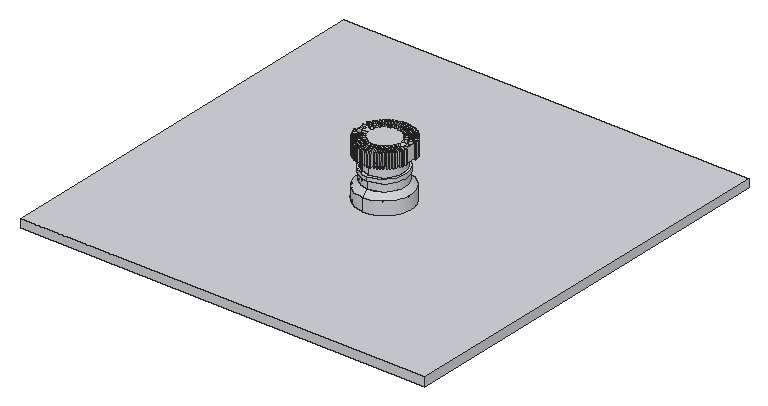
Revit family "Minitrim-X86", category Lighting Fixtures, Revit 2014
Parameters (values of type "Minitrim X86")
  Wattage Comments = "19.5"
  Wattage = 8.3 W
  built-in parameter 1150110 = 1 (stored number, unit not read)
  Type Comments = "Recessed"
  Type = "Recessed Downlighter"
  built-in parameter 1114217 = 1 (stored number, unit not read)
  Tilt Angle = 90.00°
  built-in parameter 1150109 = 1 (stored number, unit not read)
  built-in parameter 1150134 = (empty or 0)
  built-in parameter 1150113 = 1 (stored number, unit not read)
  Photometric Web File = "C0341-XTM-2000lm.ies"
  Dimension (mm) = "86"
  Model = "Minitrim X86"
  Manufacturer = "Designed Architectural Lighting"
  Luminous flux of luminaire (lm) = "2000 lumens"
  Lumens = 1049.95 lm
  built-in parameter 1150115 = 1 (stored number, unit not read)
  built-in parameter 1150105 = 83.552 (stored number, unit not read)
  built-in parameter 1150137 = (empty or 0)
  built-in parameter 1150139 = (empty or 0)
  built-in parameter 1150112 = 1 (stored number, unit not read)
  built-in parameter 1150114 = 1 (stored number, unit not read)
  Lamp = "LED"
  built-in parameter 1150132 = (empty or 0)
  built-in parameter 1150102 = (empty or 0)
  built-in parameter 1150138 = (empty or 0)
  built-in parameter 1150107 = 3000 (stored number, unit not read)
  built-in parameter 1150106 = 0.83552 (stored number, unit not read)
  Height (mm) = "105"
  built-in parameter 1150104 = 11.752 (stored number, unit not read)
  Dimming Lamp Color Temperature Shift = <None>
  Description = "Recessed LED downlighter"
  Cut Out (mm) = "81.5"
  Colour temperature (K) = "2700 / 3000 / 4000"
  Color Filter = 16777215
  CRI = "80"
  built-in parameter 1114218 = 1 (stored number, unit not read)
  built-in parameter 1150133 = 10 (stored number, unit not read)
  Apparent Load = 19.5 VA
  Aperture (mm) = "72"
Reference planes
  plane 1 "Light Source Axis (F/B)": y = 0
  plane 2: z = 0
  plane 3 "Light Source Axis (L/R)": x = 0
  plane 4 "Light Source Elevation": z = 0
Forms (mm)
  Extrusion 1, solid
    sketch origin (0.867, 0, 0) x (1, 0, 0) y (0, 1, 0)
      loop
        line (8.036, -21.346) -> (9.763, -25.224)
        arc (9.763, -25.224) -> (9.158, -26.377) -> (9.105, -27.677) r 2.965
        line (9.105, -27.677) -> (12.96, -37.219)
        arc (12.96, -37.219) -> (13.673, -37.522) -> (13.976, -36.809) r 0.548
        line (13.976, -36.809) -> (10.23, -27.537)
        arc (10.23, -27.537) -> (10.843, -26.092) -> (12.288, -26.705) r 1.11
        line (12.288, -26.705) -> (16.28, -35.672)
        arc (16.28, -35.672) -> (17.02, -35.956) -> (17.304, -35.216) r 0.56
        line (17.304, -35.216) -> (13.182, -25.959)
        arc (13.182, -25.959) -> (12.31, -24.958) -> (11.028, -24.618) r 2.262
        line (11.028, -24.618) -> (9.403, -20.596) -> (11.989, -19.445) -> (14.463, -22.849)
        arc (14.463, -22.849) -> (14.111, -24.102) -> (14.33, -25.385) r 2.965
        line (14.33, -25.385) -> (20.084, -33.917)
        arc (20.084, -33.917) -> (20.845, -34.065) -> (20.992, -33.305) r 0.548
        line (20.992, -33.305) -> (15.4, -25.014)
        arc (15.4, -25.014) -> (15.7, -23.474) -> (17.241, -23.773) r 1.11
        line (17.241, -23.773) -> (23.009, -31.713)
        arc (23.009, -31.713) -> (23.792, -31.837) -> (23.916, -31.055) r 0.56
        line (23.916, -31.055) -> (17.96, -22.857)
        arc (17.96, -22.857) -> (16.899, -22.059) -> (15.574, -21.994) r 2.262
        line (15.574, -21.994) -> (13.148, -18.397) -> (15.119, -16.427) -> (18.389, -19.585)
        arc (18.389, -19.585) -> (18.26, -20.88) -> (18.699, -22.105) r 2.965
        line (18.699, -22.105) -> (25.847, -29.508)
        arc (25.847, -29.508) -> (26.622, -29.522) -> (26.635, -28.747) r 0.548
        line (26.635, -28.747) -> (19.689, -21.554)
        arc (19.689, -21.554) -> (19.716, -19.985) -> (21.285, -20.012) r 1.11
        line (21.285, -20.012) -> (28.346, -26.83)
        arc (28.346, -26.83) -> (29.138, -26.816) -> (29.124, -26.024) r 0.56
        line (29.124, -26.024) -> (21.835, -18.985)
        arc (21.835, -18.985) -> (20.652, -18.383) -> (19.335, -18.549) r 2.262
        line (19.335, -18.549) -> (16.322, -15.429) -> (18.148, -13.304) -> (21.857, -15.622)
        arc (21.857, -15.622) -> (22.001, -16.916) -> (22.684, -18.023) r 2.965
        line (22.684, -18.023) -> (31.216, -23.778)
        arc (31.216, -23.778) -> (31.976, -23.63) -> (31.828, -22.87) r 0.548
        line (31.828, -22.87) -> (23.538, -17.278)
        arc (23.538, -17.278) -> (23.238, -15.737) -> (24.779, -15.438) r 1.11
        line (24.779, -15.438) -> (33.102, -20.639)
        arc (33.102, -20.639) -> (33.874, -20.461) -> (33.696, -19.689) r 0.56
        line (33.696, -19.689) -> (25.103, -14.319)
        arc (25.103, -14.319) -> (23.821, -13.977) -> (22.567, -14.412) r 2.262
        line (22.567, -14.412) -> (18.971, -11.987) -> (20.87, -9.394) -> (24.954, -10.962)
        arc (24.954, -10.962) -> (25.341, -12.204) -> (26.224, -13.161) r 2.965
        line (26.224, -13.161) -> (35.697, -17.182)
        arc (35.697, -17.182) -> (36.415, -16.892) -> (36.125, -16.174) r 0.548
        line (36.125, -16.174) -> (26.92, -12.267)
        arc (26.92, -12.267) -> (26.332, -10.811) -> (27.787, -10.224) r 1.11
        line (27.787, -10.224) -> (36.95, -13.741)
        arc (36.95, -13.741) -> (37.673, -13.419) -> (37.351, -12.695) r 0.56
        line (37.351, -12.695) -> (27.891, -9.063)
        arc (27.891, -9.063) -> (26.567, -8.972) -> (25.42, -9.639) r 2.262
        line (25.42, -9.639) -> (21.427, -7.944) -> (22.262, -3.209) -> (24.741, -3.209)
        arc (24.741, -3.209) -> (29.592, -5.948) -> (34.984, -7.347) r 21.462
        line (34.984, -7.347) -> (36.065, -8.428) -> (39.133, -8.428) -> (39.133, -7.36) -> (36.601, -7.36) -> (36.601, 7.64) -> (39.186, 7.64) -> (39.186, 8.514) -> (36.351, 8.514) -> (34.984, 7.592) -> (34.984, -2.408)
        arc (34.984, -2.408) -> (34.341, -3.853) -> (32.76, -3.798) r 1.415
        line (32.76, -3.798) -> (31.024, -2.537) -> (31.024, 3.409) -> (22.339, 3.409) -> (21.555, 7.853) -> (25.597, 9.568)
        arc (25.597, 9.568) -> (26.744, 8.901) -> (28.067, 8.992) r 2.262
        line (28.067, 8.992) -> (37.528, 12.624)
        arc (37.528, 12.624) -> (37.85, 13.348) -> (37.126, 13.67) r 0.56
        line (37.126, 13.67) -> (27.963, 10.153)
        arc (27.963, 10.153) -> (26.508, 10.741) -> (27.096, 12.196) r 1.11
        line (27.096, 12.196) -> (36.301, 16.103)
        arc (36.301, 16.103) -> (36.591, 16.821) -> (35.873, 17.111) r 0.548
        line (35.873, 17.111) -> (26.4, 13.09)
        arc (26.4, 13.09) -> (25.518, 12.133) -> (25.13, 10.891) r 2.965
        line (25.13, 10.891) -> (21.047, 9.323) -> (19.147, 11.916) -> (22.744, 14.341)
        arc (22.744, 14.341) -> (23.997, 13.906) -> (25.279, 14.248) r 2.262
        line (25.279, 14.248) -> (33.873, 19.618)
        arc (33.873, 19.618) -> (34.051, 20.39) -> (33.279, 20.568) r 0.56
        line (33.279, 20.568) -> (24.955, 15.367)
        arc (24.955, 15.367) -> (23.415, 15.666) -> (23.714, 17.207) r 1.11
        line (23.714, 17.207) -> (32.005, 22.799)
        arc (32.005, 22.799) -> (32.152, 23.559) -> (31.392, 23.707) r 0.548
        line (31.392, 23.707) -> (22.861, 17.952)
        arc (22.861, 17.952) -> (22.177, 16.845) -> (22.034, 15.551) r 2.965
        line (22.034, 15.551) -> (18.324, 13.233) -> (16.498, 15.358) -> (19.512, 18.478)
        arc (19.512, 18.478) -> (20.828, 18.312) -> (22.011, 18.914) r 2.262
        line (22.011, 18.914) -> (29.3, 25.953)
        arc (29.3, 25.953) -> (29.314, 26.745) -> (28.522, 26.759) r 0.56
        line (28.522, 26.759) -> (21.462, 19.941)
        arc (21.462, 19.941) -> (19.893, 19.914) -> (19.865, 21.483) r 1.11
        line (19.865, 21.483) -> (26.812, 28.676)
        arc (26.812, 28.676) -> (26.798, 29.451) -> (26.024, 29.437) r 0.548
        line (26.024, 29.437) -> (18.875, 22.034)
        arc (18.875, 22.034) -> (18.437, 20.809) -> (18.566, 19.514) r 2.965
        line (18.566, 19.514) -> (15.419, 16.475) -> (13.325, 18.326) -> (15.751, 21.923)
        arc (15.751, 21.923) -> (17.076, 21.988) -> (18.136, 22.786) r 2.262
        line (18.136, 22.786) -> (24.092, 30.984)
        arc (24.092, 30.984) -> (23.969, 31.766) -> (23.186, 31.642) r 0.56
        line (23.186, 31.642) -> (17.417, 23.702)
        arc (17.417, 23.702) -> (15.876, 23.403) -> (15.577, 24.943) r 1.11
        line (15.577, 24.943) -> (21.169, 33.234)
        arc (21.169, 33.234) -> (21.021, 33.994) -> (20.261, 33.846) r 0.548
        line (20.261, 33.846) -> (14.506, 25.315)
        arc (14.506, 25.315) -> (14.287, 24.031) -> (14.639, 22.778) r 2.965
        line (14.639, 22.778) -> (12.068, 19.24) -> (9.579, 20.525) -> (11.204, 24.548)
        arc (11.204, 24.548) -> (12.487, 24.887) -> (13.358, 25.888) r 2.262
        line (13.358, 25.888) -> (17.48, 35.145)
        arc (17.48, 35.145) -> (17.196, 35.885) -> (16.456, 35.601) r 0.56
        line (16.456, 35.601) -> (12.464, 26.634)
        arc (12.464, 26.634) -> (11.02, 26.021) -> (10.406, 27.466) r 1.11
        line (10.406, 27.466) -> (14.152, 36.738)
        arc (14.152, 36.738) -> (13.85, 37.451) -> (13.137, 37.148) r 0.548
        line (13.137, 37.148) -> (9.282, 27.606)
        arc (9.282, 27.606) -> (9.334, 26.306) -> (9.939, 25.153) r 2.965
        line (9.939, 25.153) -> (8.16, 21.157) -> (5.456, 21.949) -> (6.209, 26.222)
        arc (6.209, 26.222) -> (7.393, 26.82) -> (8.038, 27.98) r 2.262
        line (8.038, 27.98) -> (10.144, 37.892)
        arc (10.144, 37.892) -> (9.713, 38.557) -> (9.048, 38.125) r 0.56
        line (9.048, 38.125) -> (7.008, 28.525)
        arc (7.008, 28.525) -> (5.722, 27.625) -> (4.822, 28.91) r 1.11
        line (4.822, 28.91) -> (6.558, 38.758)
        arc (6.558, 38.758) -> (6.114, 39.393) -> (5.48, 38.949) r 0.548
        line (5.48, 38.949) -> (3.693, 28.814)
        arc (3.693, 28.814) -> (4.015, 27.553) -> (4.846, 26.551) r 2.965
        line (4.846, 26.551) -> (3.936, 22.272) -> (0.629, 22.571) -> (0.629, 26.945)
        arc (0.629, 26.945) -> (1.65, 27.752) -> (2.227, 28.919) r 2.965
        line (2.227, 28.919) -> (2.586, 39.204)
        arc (2.586, 39.204) -> (2.058, 39.77) -> (1.492, 39.242) r 0.548
        line (1.492, 39.242) -> (1.143, 29.248)
        arc (1.143, 29.248) -> (-0.005, 28.178) -> (-1.076, 29.325) r 1.11
        line (-1.076, 29.325) -> (-1.076, 39.14)
        arc (-1.076, 39.14) -> (-1.636, 39.7) -> (-2.196, 39.14) r 0.56
        line (-2.196, 39.14) -> (-2.196, 29.007)
        arc (-2.196, 29.007) -> (-1.807, 27.738) -> (-0.773, 26.906) r 2.262
        line (-0.773, 26.906) -> (-0.925, 22.571) -> (-3.664, 22.35) -> (-4.573, 26.629)
        arc (-4.573, 26.629) -> (-3.742, 27.631) -> (-3.42, 28.892) r 2.965
        line (-3.42, 28.892) -> (-5.207, 39.026)
        arc (-5.207, 39.026) -> (-5.842, 39.471) -> (-6.286, 38.836) r 0.548
        line (-6.286, 38.836) -> (-4.55, 28.988)
        arc (-4.55, 28.988) -> (-5.45, 27.703) -> (-6.735, 28.603) r 1.11
        line (-6.735, 28.603) -> (-8.776, 38.203)
        arc (-8.776, 38.203) -> (-9.441, 38.635) -> (-9.872, 37.97) r 0.56
        line (-9.872, 37.97) -> (-7.765, 28.058)
        arc (-7.765, 28.058) -> (-7.121, 26.898) -> (-5.937, 26.3) r 2.262
        line (-5.937, 26.3) -> (-5.184, 22.027) -> (-7.888, 21.235) -> (-9.667, 25.231)
        arc (-9.667, 25.231) -> (-9.062, 26.384) -> (-9.009, 27.684) r 2.965
        line (-9.009, 27.684) -> (-12.864, 37.226)
        arc (-12.864, 37.226) -> (-13.577, 37.529) -> (-13.88, 36.816) r 0.548
        line (-13.88, 36.816) -> (-10.134, 27.544)
        arc (-10.134, 27.544) -> (-10.747, 26.099) -> (-12.192, 26.712) r 1.11
        line (-12.192, 26.712) -> (-16.184, 35.679)
        arc (-16.184, 35.679) -> (-16.924, 35.963) -> (-17.208, 35.223) r 0.56
        line (-17.208, 35.223) -> (-13.086, 25.966)
        arc (-13.086, 25.966) -> (-12.215, 24.965) -> (-10.932, 24.625) r 2.262
        line (-10.932, 24.625) -> (-9.307, 20.603) -> (-11.796, 19.318) -> (-14.367, 22.856)
        arc (-14.367, 22.856) -> (-14.015, 24.109) -> (-14.234, 25.393) r 2.965
        line (-14.234, 25.393) -> (-19.988, 33.924)
        arc (-19.988, 33.924) -> (-20.749, 34.072) -> (-20.897, 33.312) r 0.548
        line (-20.897, 33.312) -> (-15.305, 25.021)
        arc (-15.305, 25.021) -> (-15.604, 23.481) -> (-17.145, 23.78) r 1.11
        line (-17.145, 23.78) -> (-22.914, 31.72)
        arc (-22.914, 31.72) -> (-23.696, 31.844) -> (-23.82, 31.062) r 0.56
        line (-23.82, 31.062) -> (-17.864, 22.864)
        arc (-17.864, 22.864) -> (-16.804, 22.066) -> (-15.478, 22.001) r 2.262
        line (-15.478, 22.001) -> (-13.053, 18.404) -> (-15.147, 16.553) -> (-18.293, 19.592)
        arc (-18.293, 19.592) -> (-18.165, 20.887) -> (-18.603, 22.112) r 2.965
        line (-18.603, 22.112) -> (-25.752, 29.515)
        arc (-25.752, 29.515) -> (-26.526, 29.529) -> (-26.54, 28.754) r 0.548
        line (-26.54, 28.754) -> (-19.593, 21.561)
        arc (-19.593, 21.561) -> (-19.62, 19.992) -> (-21.19, 20.019) r 1.11
        line (-21.19, 20.019) -> (-28.25, 26.837)
        arc (-28.25, 26.837) -> (-29.042, 26.823) -> (-29.028, 26.031) r 0.56
        line (-29.028, 26.031) -> (-21.739, 18.992)
        arc (-21.739, 18.992) -> (-20.556, 18.39) -> (-19.24, 18.556) r 2.262
        line (-19.24, 18.556) -> (-16.226, 15.436) -> (-18.052, 13.311) -> (-21.761, 15.629)
        arc (-21.761, 15.629) -> (-21.905, 16.923) -> (-22.588, 18.03) r 2.965
        line (-22.588, 18.03) -> (-31.12, 23.785)
        arc (-31.12, 23.785) -> (-31.88, 23.637) -> (-31.732, 22.877) r 0.548
        line (-31.732, 22.877) -> (-23.442, 17.285)
        arc (-23.442, 17.285) -> (-23.143, 15.744) -> (-24.683, 15.445) r 1.11
        line (-24.683, 15.445) -> (-33.007, 20.646)
        arc (-33.007, 20.646) -> (-33.779, 20.468) -> (-33.6, 19.696) r 0.56
        line (-33.6, 19.696) -> (-25.007, 14.326)
        arc (-25.007, 14.326) -> (-23.725, 13.984) -> (-22.472, 14.419) r 2.262
        line (-22.472, 14.419) -> (-18.979, 12.063) -> (-20.774, 9.401) -> (-24.858, 10.969)
        arc (-24.858, 10.969) -> (-25.245, 12.211) -> (-26.128, 13.168) r 2.965
        line (-26.128, 13.168) -> (-35.601, 17.189)
        arc (-35.601, 17.189) -> (-36.319, 16.899) -> (-36.029, 16.181) r 0.548
        line (-36.029, 16.181) -> (-26.824, 12.274)
        arc (-26.824, 12.274) -> (-26.236, 10.819) -> (-27.691, 10.231) r 1.11
        line (-27.691, 10.231) -> (-36.854, 13.748)
        arc (-36.854, 13.748) -> (-37.578, 13.426) -> (-37.255, 12.702) r 0.56
        line (-37.255, 12.702) -> (-27.795, 9.07)
        arc (-27.795, 9.07) -> (-26.471, 8.979) -> (-25.324, 9.646) r 2.262
        line (-25.324, 9.646) -> (-21.289, 7.933) -> (-22.142, 3.096) -> (-24.544, 3.096)
        arc (-24.544, 3.096) -> (-29.395, 5.836) -> (-34.788, 7.235) r 21.462
        line (-34.788, 7.235) -> (-35.869, 8.316) -> (-38.936, 8.316) -> (-38.936, 7.247) -> (-36.404, 7.247) -> (-36.404, -7.753) -> (-38.989, -7.753) -> (-38.989, -8.626) -> (-36.154, -8.626) -> (-34.788, -7.705) -> (-34.788, 2.295)
        arc (-34.788, 2.295) -> (-34.144, 3.741) -> (-32.563, 3.686) r 1.415
        line (-32.563, 3.686) -> (-30.827, 2.424) -> (-30.827, -3.521) -> (-22.142, -3.521) -> (-21.155, -7.866) -> (-25.148, -9.561)
        arc (-25.148, -9.561) -> (-26.295, -8.894) -> (-27.619, -8.985) r 2.262
        line (-27.619, -8.985) -> (-37.079, -12.617)
        arc (-37.079, -12.617) -> (-37.401, -13.341) -> (-36.677, -13.663) r 0.56
        line (-36.677, -13.663) -> (-27.514, -10.146)
        arc (-27.514, -10.146) -> (-26.059, -10.734) -> (-26.647, -12.189) r 1.11
        line (-26.647, -12.189) -> (-35.852, -16.096)
        arc (-35.852, -16.096) -> (-36.142, -16.814) -> (-35.424, -17.104) r 0.548
        line (-35.424, -17.104) -> (-25.951, -13.083)
        arc (-25.951, -13.083) -> (-25.069, -12.126) -> (-24.681, -10.884) r 2.965
        line (-24.681, -10.884) -> (-20.598, -9.316) -> (-18.802, -11.978) -> (-22.295, -14.334)
        arc (-22.295, -14.334) -> (-23.548, -13.899) -> (-24.83, -14.241) r 2.262
        line (-24.83, -14.241) -> (-33.424, -19.611)
        arc (-33.424, -19.611) -> (-33.602, -20.383) -> (-32.83, -20.561) r 0.56
        line (-32.83, -20.561) -> (-24.507, -15.36)
        arc (-24.507, -15.36) -> (-22.966, -15.659) -> (-23.266, -17.2) r 1.11
        line (-23.266, -17.2) -> (-31.556, -22.792)
        arc (-31.556, -22.792) -> (-31.704, -23.552) -> (-30.943, -23.7) r 0.548
        line (-30.943, -23.7) -> (-22.412, -17.945)
        arc (-22.412, -17.945) -> (-21.728, -16.838) -> (-21.585, -15.544) r 2.965
        line (-21.585, -15.544) -> (-17.876, -13.226) -> (-16.05, -15.351) -> (-19.063, -18.471)
        arc (-19.063, -18.471) -> (-20.38, -18.305) -> (-21.562, -18.907) r 2.262
        line (-21.562, -18.907) -> (-28.852, -25.946)
        arc (-28.852, -25.946) -> (-28.866, -26.738) -> (-28.073, -26.752) r 0.56
        line (-28.073, -26.752) -> (-21.013, -19.934)
        arc (-21.013, -19.934) -> (-19.444, -19.907) -> (-19.417, -21.476) r 1.11
        line (-19.417, -21.476) -> (-26.363, -28.669)
        arc (-26.363, -28.669) -> (-26.35, -29.444) -> (-25.575, -29.43) r 0.548
        line (-25.575, -29.43) -> (-18.426, -22.027)
        arc (-18.426, -22.027) -> (-17.988, -20.802) -> (-18.117, -19.507) r 2.965
        line (-18.117, -19.507) -> (-14.971, -16.468) -> (-12.876, -18.319) -> (-15.302, -21.916)
        arc (-15.302, -21.916) -> (-16.627, -21.981) -> (-17.688, -22.779) r 2.262
        line (-17.688, -22.779) -> (-23.644, -30.977)
        arc (-23.644, -30.977) -> (-23.52, -31.759) -> (-22.737, -31.635) r 0.56
        line (-22.737, -31.635) -> (-16.968, -23.695)
        arc (-16.968, -23.695) -> (-15.428, -23.396) -> (-15.128, -24.936) r 1.11
        line (-15.128, -24.936) -> (-20.72, -33.227)
        arc (-20.72, -33.227) -> (-20.572, -33.987) -> (-19.812, -33.839) r 0.548
        line (-19.812, -33.839) -> (-14.057, -25.308)
        arc (-14.057, -25.308) -> (-13.838, -24.024) -> (-14.19, -22.771) r 2.965
        line (-14.19, -22.771) -> (-11.619, -19.233) -> (-9.13, -20.518) -> (-10.756, -24.541)
        arc (-10.756, -24.541) -> (-12.038, -24.88) -> (-12.91, -25.881) r 2.262
        line (-12.91, -25.881) -> (-17.031, -35.138)
        arc (-17.031, -35.138) -> (-16.747, -35.878) -> (-16.008, -35.594) r 0.56
        line (-16.008, -35.594) -> (-12.016, -26.627)
        arc (-12.016, -26.627) -> (-10.571, -26.014) -> (-9.958, -27.459) r 1.11
        line (-9.958, -27.459) -> (-13.704, -36.731)
        arc (-13.704, -36.731) -> (-13.401, -37.444) -> (-12.688, -37.141) r 0.548
        line (-12.688, -37.141) -> (-8.833, -27.599)
        arc (-8.833, -27.599) -> (-8.886, -26.299) -> (-9.49, -25.146) r 2.965
        line (-9.49, -25.146) -> (-7.711, -21.15) -> (-5.621, -22.23) -> (-6.224, -26.518)
        arc (-6.224, -26.518) -> (-7.386, -27.158) -> (-7.99, -28.34) r 2.262
        line (-7.99, -28.34) -> (-9.749, -38.319)
        arc (-9.749, -38.319) -> (-9.295, -38.968) -> (-8.646, -38.514) r 0.56
        line (-8.646, -38.514) -> (-6.942, -28.848)
        arc (-6.942, -28.848) -> (-5.688, -27.904) -> (-4.744, -29.157) r 1.11
        line (-4.744, -29.157) -> (-6.135, -39.06)
        arc (-6.135, -39.06) -> (-5.669, -39.678) -> (-5.051, -39.212) r 0.548
        line (-5.051, -39.212) -> (-3.618, -29.021)
        arc (-3.618, -29.021) -> (-3.984, -27.772) -> (-4.85, -26.8) r 2.965
        line (-4.85, -26.8) -> (-4.09, -22.492) -> (-0.819, -23.069) -> (-0.666, -27.446)
        arc (-0.666, -27.446) -> (-1.7, -28.278) -> (-2.089, -29.546) r 2.262
        line (-2.089, -29.546) -> (-2.089, -39.679)
        arc (-2.089, -39.679) -> (-1.529, -40.24) -> (-0.968, -39.679) r 0.56
        line (-0.968, -39.679) -> (-0.968, -29.865)
        arc (-0.968, -29.865) -> (0.102, -28.717) -> (1.25, -29.787) r 1.11
        line (1.25, -29.787) -> (1.599, -39.781)
        arc (1.599, -39.781) -> (2.165, -40.309) -> (2.694, -39.743) r 0.548
        line (2.694, -39.743) -> (2.334, -29.458)
        arc (2.334, -29.458) -> (1.757, -28.291) -> (0.736, -27.484) r 2.965
        line (0.736, -27.484) -> (0.736, -23.11) -> (4.345, -22.474) -> (5.122, -26.878)
        arc (5.122, -26.878) -> (4.256, -27.85) -> (3.891, -29.099) r 2.965
        line (3.891, -29.099) -> (5.323, -39.29)
        arc (5.323, -39.29) -> (5.941, -39.756) -> (6.408, -39.138) r 0.548
        line (6.408, -39.138) -> (5.016, -29.235)
        arc (5.016, -29.235) -> (5.96, -27.981) -> (7.214, -28.926) r 1.11
        line (7.214, -28.926) -> (8.918, -38.592)
        arc (8.918, -38.592) -> (9.567, -39.046) -> (10.022, -38.397) r 0.56
        line (10.022, -38.397) -> (8.262, -28.418)
        arc (8.262, -28.418) -> (7.658, -27.236) -> (6.496, -26.596) r 2.262
        line (6.496, -26.596) -> (5.892, -22.3) -> (8.036, -21.346)
    from 76.082 to 96.582
  Extrusion 2, solid
    sketch origin (-17.5, -62.5, 0) x (1, 0, 0) y (0, 1, 0)
      loop
        line (-282.765, 362.833) -> (-282.765, -237.167) -> (317.235, -237.167) -> (317.235, 362.833) -> (-282.765, 362.833)
      loop
        circle (17.5, 62.5) r 40
    from 1.159 to 13.747
  Revolve 3, solid
    sketch origin (0, 0, 0) x (0, 1, 0) y (0, 0, 1)
      loop
        line (20.731, 76.082) -> (0, 76.082) -> (0, 69.125) -> (20.731, 69.125) -> (20.731, 76.082)
      axis (0, 76.082) -> (0, 69.125)
    angle from 0 to 360
  Revolve 4, solid
    sketch origin (0, 0, 0) x (0, 1, 0) y (0, 0, 1)
      loop
        line (22.206, 40.426) -> (24.741, 40.426) -> (24.741, 42.398) -> (23.84, 42.398)
        arc (23.84, 42.398) -> (19.738, 56.161) -> (13.577, 69.134) r 93.497
        line (13.577, 69.134) -> (10.866, 69.134)
        arc (10.866, 69.134) -> (17.77, 55.267) -> (22.206, 40.426) r 90.439
      axis (0, 69.134) -> (0, 40.426)
    angle from 0 to 360
  Revolve 5, solid
    sketch origin (0, 0, 0) x (0, 1, 0) y (0, 0, 1)
      loop
        line (42.849, 1.159) -> (37.54, 1.159)
        arc (37.54, 1.159) -> (33.484, 20.614) -> (26.778, 39.322) r 143.462
        line (26.778, 39.322) -> (26.778, 75.106) -> (25.795, 75.106) -> (25.795, 38.557)
        arc (25.795, 38.557) -> (32.683, 19.711) -> (36.44, 0) r 123.941
        line (36.44, 0) -> (42.849, 0) -> (42.849, 1.159)
      axis (0, 75.106) -> (0, 0)
    angle from 0 to 360
  Revolve 6, solid
    sketch origin (0, 0, 0) x (0, 1, 0) y (0, 0, 1)
      loop
        line (37.945, 1.159) -> (39.132, 1.159) -> (39.132, 32.282) -> (30.95, 40.463) -> (30.95, 52.225) -> (32.303, 52.225) -> (32.303, 57.664) -> (28.058, 57.664) -> (28.058, 76.082) -> (20.474, 76.082) -> (20.474, 75.106) -> (26.897, 75.106) -> (26.897, 55.951) -> (29.548, 55.951) -> (29.548, 39.556) -> (37.945, 31.159) -> (37.945, 1.159)
      axis (0, 76.082) -> (0, 1.159)
    angle from 0 to 360
Dimensions and locks
  aligned and locked: plane 3 "Light Source Axis (L/R)" to imposter light
  aligned and locked: plane 1 "Light Source Axis (F/B)" to imposter light
  aligned and locked: plane 4 "Light Source Elevation" to imposter light
  aligned and locked: level to plane 2
